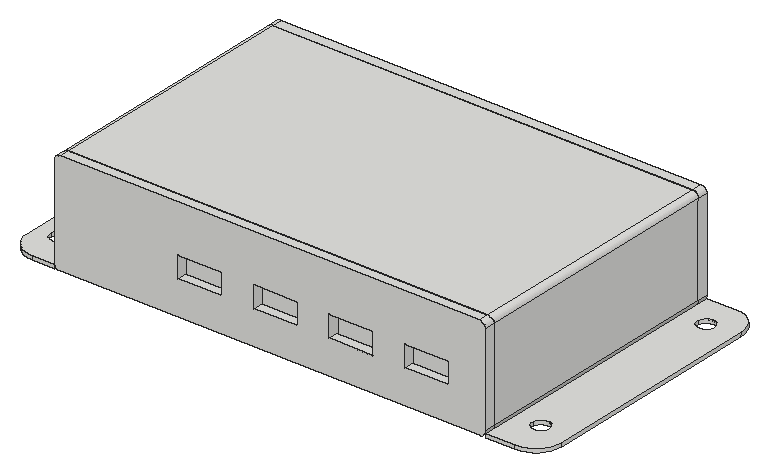
Revit family "Electronics_Expansion-Inputs_Biamp_Vocia_Paging-Station-Interface_VPSI-1__", category Communication Devices, host Face, Revit 2020
Family settings
  Host = Face
  Maintain Annotation Orientation = No
  Round Connector Dimension = Use Diameter
  Part Type = Normal
  OmniClass Number = 23.85.10.11.11
  OmniClass Title = Sound and Signal Devices
  Cut with Voids When Loaded = No
  Shared = No
  Room Calculation Point = No
Parameters (values of type "VPSI-1")
  Width = 0' - 3 41/256"  # constant formula
  Weight = 0.66 lbf  # constant formula
  Voltage = 0 V
  URL = "https://www.biamp.com/"
  Temperature Range = "23 - 104° F (-5 – 40° C)"  # constant formula
  THD+N = "20Hz ~ 10kHz: <0.08%"  # constant formula
  RS-232 Stop Bits = "1"  # constant formula
  RS-232 Parity = "None"  # constant formula
  RS-232 Flow Control = "None"  # constant formula
  RS-232 Data Bits = "8"  # constant formula
  RS-232 Baud = "57600 bps"  # constant formula
  Product data url = "https://www.bimobject.com/biamp/product/vocia-vpsi-1_expansion-input"
  Product Page URL = "https://www.biamp.com/products/product-families/vocia/vocia-expansion-inputs#vocia-vpsi-1"
  Product Documentation Link = "https://downloads.biamp.com/assets/docs/default-source/data-sheets/biamp_data_sheet_vocia_vpsi-1_oct18.pdf"
  Power Factor = 1
  Number of Poles = 1  # constant formula
  Nominal Input Level = "0dBu, -10dBu, -40dBu and -50dBu (hardware configurable)"  # constant formula
  Network Connection = "RJ45 with shielded Ethernet (CAT5, CAT5e, CAT6, or CAT7)"  # constant formula
  Model = "Vocia VPSI-1"  # constant formula
  Max Power Consumption = 0 W
  Manufacturer = "Biamp"  # constant formula
  LED Output Voltage = "15mA"  # constant formula
  Humidity = "0-95% relative humidity (non-condensing)"  # constant formula
  Housing Material = Biamp - Metal - Silver
  Height = 0' - 1 23/128"  # constant formula
  Frequency Response = "20Hz ~ 10kHz: +0, -1dB"  # constant formula
  Effective Input Headroom = "25dB"  # constant formula
  Description = "Vocia® VPSI-1 Paging Station Interface"  # constant formula
  Depth = 0' - 6 7/64"  # constant formula
  Default Elevation = 4' - 0"
  Connector Description = "RJ-45; Power by the host device"  # constant formula
  Compliance = "CE marked (Europe) RoHS Directive (Europe)"  # constant formula
  Assembly Code = ""
  Apparent Load = Max Power Consumption / Power Factor  # 0 VA
  Altitude = "0-10,000 ft (0-3000m) MSL"  # constant formula
Reference planes (in)
  plane 1 "Center (Front/Back)": y = 0
  plane 2: z = 0
  plane 3 "Center (Left/Right)": x = 0
  plane 4: x = -4.99926
  plane 5: x = 4.99926
  plane 6: z = 0
  plane 7: z = 0.03937
  plane 8: x = -3.05469
  plane 9: x = 3.05469
  plane 10 "12": y = 1.58008
  plane 11: y = -1.58008
  plane 12: z = 1.17969
  plane 13: y = 1.46197
  plane 14: y = -1.46197
  plane 15: x = 2.42146
  plane 16: x = -2.50861
Forms (in)
  Extrusion 1, solid, material "Biamp - Metal - Silver" <- "Housing Material", detail levels coarse
    sketch origin (0, 0, 0) x (1, 0, 0) y (0, 1, 0)
      loop
        line (-3.05469, 1.66179) -> (-3.05469, -1.58008) -> (3.05469, -1.58008) -> (3.05469, 1.66179) -> (-3.05469, 1.66179)
    from 0 to 1.17969
  Extrusion 2, solid, material "Biamp - Metal - Silver" <- "Housing Material", detail levels medium
    sketch origin (0, 0, 0) x (1, 0, 0) y (0, 0, 1)
      loop
        arc (-2.98776, 1.17969) -> (-3.03508, 1.16008) -> (-3.05469, 1.11276) r 0.06693
        line (-3.05469, 1.11276) -> (-3.05469, 0.06693)
        arc (-3.05469, 0.06693) -> (-3.03508, 0.0196) -> (-2.98776, 0) r 0.06693
        line (-2.98776, 0) -> (2.98776, 0)
        arc (2.98776, 0) -> (3.03508, 0.0196) -> (3.05469, 0.06693) r 0.06693
        line (3.05469, 0.06693) -> (3.05469, 1.11276)
        arc (3.05469, 1.11276) -> (3.03508, 1.16008) -> (2.98776, 1.17969) r 0.06693
        line (2.98776, 1.17969) -> (-2.98776, 1.17969)
    from -1.57972 to 1.57972
  Extrusion 3, solid, material "Biamp - Metal - Silver" <- "Housing Material", detail levels fine
    sketch origin (0, 1.58008, 0) x (-1, 0, 0) y (0, 0, 1)
      loop
        line (2.44168, 1.17969) -> (-2.35453, 1.17969)
        arc (-2.35453, 1.17969) -> (-2.40185, 1.16008) -> (-2.42146, 1.11276) r 0.06693
        line (-2.42146, 1.11276) -> (-2.42146, 0.06693)
        arc (-2.42146, 0.06693) -> (-2.40185, 0.0196) -> (-2.35453, 0) r 0.06693
        line (-2.35453, 0) -> (2.44168, 0)
        arc (2.44168, 0) -> (2.48901, 0.0196) -> (2.50861, 0.06693) r 0.06693
        line (2.50861, 0.06693) -> (2.50861, 1.11276)
        arc (2.50861, 1.11276) -> (2.48901, 1.16008) -> (2.44168, 1.17969) r 0.06693
    from -0.11811 to 0
  Extrusion 4, solid, material "Biamp - Metal - Silver" <- "Housing Material", detail levels fine
    sketch origin (-0.19685, 0, 0) x (1, 0, 0) y (0, 0, 1)
      loop
        arc (-2.24483, 1.17969) -> (-2.29216, 1.16008) -> (-2.31176, 1.11276) r 0.06693
        line (-2.31176, 1.11276) -> (-2.31176, 0.06693)
        arc (-2.31176, 0.06693) -> (-2.29216, 0.0196) -> (-2.24483, 0) r 0.06693
        line (-2.24483, 0) -> (2.55138, 0)
        arc (2.55138, 0) -> (2.5987, 0.0196) -> (2.61831, 0.06693) r 0.06693
        line (2.61831, 0.06693) -> (2.61831, 1.11276)
        arc (2.61831, 1.11276) -> (2.5987, 1.16008) -> (2.55138, 1.17969) r 0.06693
        line (2.55138, 1.17969) -> (-2.24483, 1.17969)
    from 1.46161 to 1.57972
  Extrusion 5, solid, material "Biamp - Metal - Silver" <- "Housing Material", detail levels fine
    sketch origin (0, 0, 0) x (1, 0, 0) y (0, 1, 0)
      loop
        line (2.42146, 1.58008) -> (2.42146, -1.58008) -> (2.76009, -1.58008)
        arc (2.76009, -1.58008) -> (2.9684, -1.49379) -> (3.05469, -1.28548) r 0.2946
        line (3.05469, -1.28548) -> (3.05469, 1.2848)
        arc (3.05469, 1.2848) -> (2.9682, 1.49359) -> (2.75941, 1.58008) r 0.29528
        line (2.75941, 1.58008) -> (2.42146, 1.58008)
      loop
        line (-2.50861, 1.58008) -> (-2.7604, 1.58008)
        arc (-2.7604, 1.58008) -> (-2.96849, 1.49388) -> (-3.05469, 1.28579) r 0.29429
        line (-3.05469, 1.28579) -> (-3.05469, -1.2848)
        arc (-3.05469, -1.2848) -> (-2.9682, -1.49359) -> (-2.75941, -1.58008) r 0.29528
        line (-2.75941, -1.58008) -> (-2.50861, -1.58008) -> (-2.50861, 1.58008)
      loop
        circle (-2.79379, 1.20638) r 0.09837
      loop
        circle (-2.79379, -1.15654) r 0.09837
      loop
        circle (2.71735, 1.20638) r 0.09837
      loop
        circle (2.71735, -1.15721) r 0.09837
    from 0 to 0.03937
  Extrusion 6, void, detail levels fine
    sketch origin (0, 0, 0) x (1, 0, 0) y (0, 0, 1)
      loop
        line (-1.09591, 0.63922) -> (-1.09591, 0.38922) -> (-0.59591, 0.38922) -> (-0.59591, 0.63922) -> (-1.09591, 0.63922)
      loop
        line (-0.2309, 0.63922) -> (-0.2309, 0.38922) -> (0.26911, 0.38922) -> (0.26911, 0.63922) -> (-0.2309, 0.63922)
      loop
        line (0.63412, 0.63922) -> (0.63412, 0.38922) -> (1.13412, 0.38922) -> (1.13412, 0.63922) -> (0.63412, 0.63922)
      loop
        line (1.49912, 0.63921) -> (1.49912, 0.38921) -> (1.99911, 0.38921) -> (1.99911, 0.63921) -> (1.49912, 0.63921)
    from 1.46161 to 1.57972
  Extrusion 7, void, detail levels fine
    sketch origin (0, 1.58008, 0) x (1, 0, 0) y (0, 0, 1)
      loop
        line (1.82636, 0.94039) -> (1.21612, 0.94039) -> (1.21612, 0.38923) -> (1.82636, 0.38923) -> (1.82636, 0.94039)
      loop
        line (1.14014, 0.86167) -> (0.50234, 0.86167) -> (0.50234, 0.38923) -> (1.14014, 0.38923) -> (1.14014, 0.86167)
      loop
        line (-1.01829, 0.86026) -> (-1.45924, 0.86026) -> (-1.45924, 0.38782) -> (-1.01829, 0.38782) -> (-1.01829, 0.86026)
    from 0 to 0.11811
  Extrusion 8, solid, material "Biamp - Metal - Silver" <- "Housing Material", detail levels fine
    sketch origin (0, 0, 0) x (1, 0, 0) y (0, 0, 1)
      loop
        arc (-2.44168, 1.17969) -> (-2.48901, 1.16008) -> (-2.50861, 1.11276) r 0.06693
        line (-2.50861, 1.11276) -> (-2.50861, 0.06693)
        arc (-2.50861, 0.06693) -> (-2.48901, 0.0196) -> (-2.44168, 0) r 0.06693
        line (-2.44168, 0) -> (2.35453, 0)
        arc (2.35453, 0) -> (2.40185, 0.0196) -> (2.42146, 0.06693) r 0.06693
        line (2.42146, 0.06693) -> (2.42146, 1.11276)
        arc (2.42146, 1.11276) -> (2.40185, 1.16008) -> (2.35453, 1.17969) r 0.06693
        line (2.35453, 1.17969) -> (-2.44168, 1.17969)
    from -1.46161 to 1.46161
  Extrusion 9, solid, material "Biamp - Metal - Silver", detail levels fine
    sketch origin (0, 1.58008, 0) x (-1, 0, 0) y (0, 0, 1)
      loop
        arc (-0.00739, 0.87815) -> (-0.10893, 0.83047) -> (-0.13711, 0.72189) r 0.13197
        line (-0.13711, 0.72189) -> (-0.10245, 0.53827)
        arc (-0.10245, 0.53827) -> (-0.05703, 0.46099) -> (0.02729, 0.43055) r 0.13198
        line (0.02729, 0.43055) -> (0.48402, 0.43055)
        arc (0.48402, 0.43055) -> (0.56832, 0.46098) -> (0.61374, 0.53823) r 0.13198
        line (0.61374, 0.53823) -> (0.64834, 0.72156)
        arc (0.64834, 0.72156) -> (0.62037, 0.83032) -> (0.51876, 0.87815) r 0.1319
        line (0.51876, 0.87815) -> (-0.00739, 0.87815)
    from 0 to 0.08171
  Extrusion 10, void
    sketch origin (0, 1.58008, 0) x (1, 0, 0) y (0, 0, 1)
      loop
        line (-0.48508, 0.46961) -> (-0.03978, 0.46961)
        arc (-0.03978, 0.46961) -> (0.03666, 0.49633) -> (0.07981, 0.56484) r 0.12271
        line (0.07981, 0.56484) -> (0.10802, 0.67247)
        arc (0.10802, 0.67247) -> (0.09935, 0.80076) -> (-0.01343, 0.86253) r 0.13383
        line (-0.01343, 0.86253) -> (-0.49659, 0.86253)
        arc (-0.49659, 0.86253) -> (-0.59248, 0.82161) -> (-0.62928, 0.72407) r 0.13281
        line (-0.62928, 0.72407) -> (-0.59421, 0.53823)
        arc (-0.59421, 0.53823) -> (-0.54954, 0.48819) -> (-0.48508, 0.46961) r 0.12109
    from -0.08171 to -0.03937
Cuts and joins
  Extrusion 6, Extrusion 7 cuts Extrusion 4
  Extrusion 7, Extrusion 10 cuts Extrusion 3
  Extrusion 10 cuts Extrusion 2
  Extrusion 10 cuts Extrusion 8
  Extrusion 10 cuts Extrusion 9
Lines and regions (in)
  Masking region 1, detail levels fine
    outline origin (0, 0, 0) x (1, 0, 0) y (0, 1, 0)
      loop
        line (-3.05469, 1.28579) -> (-3.05469, -1.2848)
        arc (-3.05469, -1.2848) -> (-2.9682, -1.49359) -> (-2.75941, -1.58008) r 0.29528
        line (-2.75941, -1.58008) -> (2.75941, -1.58008)
        arc (2.75941, -1.58008) -> (2.9682, -1.49359) -> (3.05469, -1.2848) r 0.29528
        line (3.05469, -1.2848) -> (3.05469, 1.28579)
        arc (3.05469, 1.28579) -> (2.96849, 1.49388) -> (2.7604, 1.58008) r 0.29429
        line (2.7604, 1.58008) -> (0.13936, 1.58008) -> (0.13936, 1.66179) -> (-0.65066, 1.66179) -> (-0.65066, 1.58008) -> (-2.7604, 1.58008)
        arc (-2.7604, 1.58008) -> (-2.96849, 1.49388) -> (-3.05469, 1.28579) r 0.29429
  Masking region 2, detail levels coarse+medium
    outline origin (0, 0, 0) x (1, 0, 0) y (0, 1, 0)
      loop
        line (-3.05469, 1.66179) -> (-3.05469, -1.57972) -> (3.05469, -1.57972) -> (3.05469, 1.66179) -> (-3.05469, 1.66179)
  symbolic lines, not visible, detail levels fine
    curve 1: line (4.99926, 2.33269, 0) -> (4.99926, 2.41143, 0)
  symbolic lines, detail levels fine
    curve 2: line (2.42146, 1.58008, 0) -> (-2.50861, 1.58008, 0)
    curve 3: arc (-2.89216, 1.20705, 0) -> (-2.79379, 1.30542, 0) -> (-2.69542, 1.20705, 0) r 0.09837
    curve 4: arc (-2.69542, 1.20705, 0) -> (-2.79379, 1.10868, 0) -> (-2.89216, 1.20705, 0) r 0.09837
    curve 5: arc (-2.69542, -1.15654, 0) -> (-2.79379, -1.2549, 0) -> (-2.89216, -1.15654, 0) r 0.09837
    curve 6: arc (-2.89216, -1.15654, 0) -> (-2.79379, -1.05817, 0) -> (-2.69542, -1.15654, 0) r 0.09837
    curve 7: line (-2.50861, -1.58008, 0) -> (-2.50861, 1.58008, 0)
    curve 8: line (2.42146, 1.58008, 0) -> (2.42146, -1.58008, 0)
    curve 9: arc (2.61898, -1.15654, 0) -> (2.71735, -1.05817, 0) -> (2.81571, -1.15654, 0) r 0.09837
    curve 10: arc (2.81571, -1.15654, 0) -> (2.71735, -1.2549, 0) -> (2.61898, -1.15654, 0) r 0.09837
    curve 11: arc (2.61898, 1.20705, 0) -> (2.71735, 1.30542, 0) -> (2.81571, 1.20705, 0) r 0.09837
    curve 12: arc (2.81571, 1.20705, 0) -> (2.71735, 1.10868, 0) -> (2.61898, 1.20705, 0) r 0.09837
Dimensions and locks (in)
  equal spacing: plane 4, plane 3 "Center (Left/Right)", plane 5
  plane 6 to level = 0' - 0"
  locked: plane 7 to plane 6 at 0.03937
  "Depth": plane 8 to plane 9
  equal spacing: plane 8, plane 3 "Center (Left/Right)", plane 9
  equal spacing: plane 10 "12", plane 1 "Center (Front/Back)", plane 11
  "Width": plane 10 "12" to plane 11
  "Height": plane 12 to level
  locked: plane 10 "12" to plane 13 at 0.11811
  locked: plane 11 to plane 14 at 0.11811
  aligned and locked: plane 2 to host face
  aligned and locked: level to host face
  aligned and locked: plane 12 to Extrusion 1
Automatic sketch dimensions
  host sketch curve to host sketch curve = 8' - 0"  (x2)
  Extrusion 1 sketch curve to plane 8 = 0' - 0"
  Extrusion 1 sketch curve to plane 9 = 0' - 0"
  Extrusion 1 sketch curve to plane 14 = 0' - 0.11811"
  Extrusion 1 sketch curve to plane 13 = 0' - 0.19982"
  Extrusion 2 sketch curve to plane 8 = 0' - 0"
  Extrusion 2 sketch curve to level = 0' - 0"
  Extrusion 2 sketch curve to plane 12 = 0' - 0"
  plane 9 to Extrusion 2 sketch curve = 0' - 0"
  plane 8 to Extrusion 2 sketch curve = 0' - 0.06693"  (x2)
  Extrusion 2 sketch curve to plane 7 = 0' - 0.02756"
  plane 9 to Extrusion 2 sketch curve = 0' - 0.06693"
  plane 16 to Extrusion 4 sketch curve = 0' - 0"
  Extrusion 4 sketch curve to level = 0' - 0"
  Extrusion 4 sketch curve to plane 12 = 0' - 0"
  Extrusion 4 sketch curve to plane 15 = 0' - 0"
  Extrusion 4 sketch curve to plane 16 = 0' - 0.06693"
  Extrusion 4 sketch curve to plane 12 = 0' - 0.06693"
  Extrusion 4 sketch curve to plane 7 = 0' - 0.02756"
  Extrusion 4 sketch curve to plane 15 = 0' - 0.06693"
  Extrusion 5 sketch curve to plane 8 = 0' - 0"
  Extrusion 5 sketch curve to plane 10 "12" = 0' - 0"  (x2)
  plane 11 to Extrusion 5 sketch curve = 0' - 0"  (x2)
  Extrusion 5 sketch curve to plane 16 = 0' - 0"
  Extrusion 5 sketch curve to plane 15 = 0' - 0"
  Extrusion 5 sketch curve to plane 9 = 0' - 0"
  plane 8 to Extrusion 5 sketch curve = 0' - 0.2609"  (x2)
  Extrusion 5 sketch curve to Extrusion 5 sketch curve = 0' - 0.03339"
  Extrusion 5 sketch curve to Extrusion 5 sketch curve = 0' - 0.03438"
  plane 15 to Extrusion 5 sketch curve = 0' - 0.29589"  (x2)
  Extrusion 5 sketch curve to Extrusion 5 sketch curve = 0' - 0.04274"
  plane 9 to Extrusion 5 sketch curve = 0' - 0.29528"
  Extrusion 5 sketch curve to Extrusion 5 sketch curve = 0' - 0.12827"  (x2)
  Extrusion 5 sketch curve to Extrusion 5 sketch curve = 0' - 0.07843"
  Extrusion 5 sketch curve to Extrusion 5 sketch curve = 0' - 0.07942"
  Extrusion 6 sketch curve to plane 7 = 0' - 0.34985"  (x3)
  Extrusion 6 sketch curve to plane 3 "Center (Left/Right)" = 0' - 1.09591"
  Extrusion 6 sketch curve to Extrusion 6 sketch curve = 0' - 0 1/2"  (x3)
  Extrusion 6 sketch curve to plane 3 "Center (Left/Right)" = 0' - 0.2309"
  plane 3 "Center (Left/Right)" to Extrusion 6 sketch curve = 0' - 0.26911"
  Extrusion 6 sketch curve to Extrusion 6 sketch curve = 0' - 0.365"  (x2)
  Extrusion 6 sketch curve to plane 7 = 0' - 0.34984"
  Extrusion 6 sketch curve to Extrusion 6 sketch curve = 0' - 0 1/4"  (x4)
  Extrusion 3 sketch curve to plane 15 = 0' - 0"
  Extrusion 3 sketch curve to plane 12 = 0' - 0"
  Extrusion 3 sketch curve to level = 0' - 0"
  plane 16 to Extrusion 3 sketch curve = 0' - 0"
  Extrusion 3 sketch curve to plane 15 = 0' - 0.06693"  (x2)
  Extrusion 3 sketch curve to plane 7 = 0' - 0.02756"
  Extrusion 3 sketch curve to plane 12 = 0' - 0.06693"
  Extrusion 3 to Extrusion 7 sketch curve = 0' - 0.31943"
  Extrusion 3 to Extrusion 7 sketch curve = 0' - 1.04937"
  Extrusion 7 sketch curve to Extrusion 7 sketch curve = 0' - 0.44095"
  Extrusion 3 to Extrusion 7 sketch curve = 0' - 0.38923"
  Extrusion 3 to Extrusion 7 sketch curve = 0' - 1.91911"
  Extrusion 7 sketch curve to Extrusion 7 sketch curve = 0' - 0.6378"
  Extrusion 7 sketch curve to Extrusion 7 sketch curve = 0' - 0.07598"
  Extrusion 7 sketch curve to Extrusion 7 sketch curve = 0' - 0.61024"
  Extrusion 7 sketch curve to Extrusion 7 sketch curve = 0' - 0"
  Extrusion 7 sketch curve to Extrusion 7 sketch curve = 0' - 0.47244"  (x2)
  Extrusion 7 sketch curve to Extrusion 7 sketch curve = 0' - 0.55116"
  plane 16 to Extrusion 8 sketch curve = 0' - 0"
  Extrusion 8 sketch curve to plane 12 = 0' - 0"
  Extrusion 8 sketch curve to level = 0' - 0"
  Extrusion 8 sketch curve to plane 15 = 0' - 0"
  Extrusion 8 sketch curve to plane 12 = 0' - 0.06693"
  Extrusion 8 sketch curve to plane 7 = 0' - 0.02756"
  Extrusion 8 sketch curve to plane 15 = 0' - 0.06693"  (x2)
  Extrusion 9 sketch curve to Extrusion 3 = 0' - 0.43351"
  Extrusion 9 sketch curve to Extrusion 3 = 0' - 2 53/128"
  Extrusion 9 sketch curve to Extrusion 9 sketch curve = 0' - 0.13197"
  Extrusion 9 sketch curve to Extrusion 9 sketch curve = 0' - 0.12971"
  Extrusion 9 sketch curve to Extrusion 9 sketch curve = 0' - 0.52615"
  Extrusion 9 sketch curve to Extrusion 3 = 0' - 0.53827"
  Extrusion 9 sketch curve to Extrusion 9 sketch curve = 0' - 0.03466"
  Extrusion 9 sketch curve to Extrusion 9 sketch curve = 0' - 0.12974"
  Extrusion 9 sketch curve to Extrusion 9 sketch curve = 0' - 0.10772"
  Extrusion 9 sketch curve to Extrusion 9 sketch curve = 0' - 0.13198"  (x2)
  Extrusion 9 sketch curve to Extrusion 9 sketch curve = 0' - 0"  (x2)
  Extrusion 9 sketch curve to Extrusion 9 sketch curve = 0' - 0.03474"
  Extrusion 9 sketch curve to Extrusion 3 = 0' - 0.45813"
  Extrusion 9 sketch curve to Extrusion 9 sketch curve = 0' - 0.03459"
  Extrusion 9 sketch curve to Extrusion 9 sketch curve = 0' - 0.12958"
  Extrusion 9 sketch curve to Extrusion 9 sketch curve = 0' - 0.02465"
  curve 7 to plane 16 = 0' - 0"
  plane 8 to curve 3 = 0' - 0.2609"
  plane 8 to curve 5 = 0' - 0.2609"
  plane 15 to curve 11 = 0' - 0.29589"
  plane 15 to curve 10 = 0' - 0.29589"
  curve 5 to curve 5 = 0' - 0.09837"
  curve 4 to curve 3 = 0' - 0.09837"
  curve 11 to curve 11 = 0' - 0.09837"
  curve 10 to curve 9 = 0' - 0.09837"
  curve 1 to plane 5 = 0' - 0"
  plane 10 "12" to curve 1 = 0' - 0.75261"
  curve 1 to curve 1 = 0' - 0.07874"
  Extrusion 3 to Extrusion 10 sketch curve = 0' - 0.45562"
  Extrusion 3 to Extrusion 10 sketch curve = 0' - 1.87933"
  Extrusion 10 sketch curve to Extrusion 10 sketch curve = 0' - 0.1442"
  Extrusion 10 sketch curve to Extrusion 10 sketch curve = 0' - 0.13269"
  Extrusion 10 sketch curve to Extrusion 10 sketch curve = 0' - 0.44529"
  Extrusion 10 sketch curve to Extrusion 10 sketch curve = 0' - 0.02636"
  Extrusion 10 sketch curve to Extrusion 10 sketch curve = 0' - 0.1196"
  Extrusion 3 to Extrusion 10 sketch curve = 0' - 0.50722"
  Extrusion 10 sketch curve to Extrusion 10 sketch curve = 0' - 0.02821"
  Extrusion 10 sketch curve to Extrusion 10 sketch curve = 0' - 0.09523"
  Extrusion 10 sketch curve to Extrusion 10 sketch curve = 0' - 0 31/256"
  Extrusion 10 sketch curve to Extrusion 10 sketch curve = 0' - 0.05623"
  Extrusion 3 to Extrusion 10 sketch curve = 0' - 0.53823"
  Extrusion 10 sketch curve to Extrusion 10 sketch curve = 0' - 0.10914"
  plane 13 to curve 3 = 0' - 0.25492"
  plane 14 to curve 10 = 0' - 0.30543"
  curve 2 to plane 15 = 0' - 0"
  plane 13 to curve 12 = 0' - 0.25492"
  plane 11 to curve 8 = 0' - 0"
  plane 11 to curve 7 = 0' - 0"
  plane 14 to curve 6 = 0' - 0.30543"
  curve 7 to plane 10 "12" = 0' - 0"
  Masking region 1 sketch curve to plane 8 = 0' - 0"
  Masking region 1 sketch curve to plane 10 "12" = 0' - 0"  (x2)
  plane 11 to Masking region 1 sketch curve = 0' - 0"
  Masking region 1 sketch curve to plane 9 = 0' - 0"
  plane 16 to Masking region 1 sketch curve = 0' - 0.25179"
  plane 14 to Masking region 1 sketch curve = 0' - 0.17717"  (x2)
  Masking region 1 sketch curve to plane 3 "Center (Left/Right)" = 0' - 0.65066"
  plane 3 "Center (Left/Right)" to Masking region 1 sketch curve = 0' - 0.13936"
  plane 13 to Masking region 1 sketch curve = 0' - 0.17618"
  plane 10 "12" to Masking region 1 sketch curve = 0' - 0.08171"
  Masking region 2 sketch curve to plane 8 = 0' - 0"
  Masking region 2 sketch curve to plane 9 = 0' - 0"
  Masking region 2 sketch curve to plane 11 = 0' - 0.00035"
  plane 10 "12" to Masking region 2 sketch curve = 0' - 0.08171"
  radius of Extrusion 5 sketch curve = 0' - 0.09837"  (x4)
Connectors (in)
  electrical at (1.52124, 1.58008, 0.66481), driven by "Number of Poles", driven by "Voltage", driven by "Apparent Load", driven by "Power Factor", driven by "Connector Description"
    settings: on cut or joined group of Extrusion 3, Extrusion 7, Extrusion 10, index 1, voltage 0 V, apparent load 0 VA, apparent load phase1 0 VA, apparent load phase2 0 VA, apparent load phase3 0 VA, power factor 1, load classification "Other", number of poles 1, system type 30, power factor state 1, is connector primary yes, connector utility no, sub classification motor no, connector description "RJ-45; Power by the host device"
  electrical at (0.82124, 1.58008, 0.62545)
    settings: on cut or joined group of Extrusion 3, Extrusion 7, Extrusion 10, index 2, voltage 0 V, apparent load 0 VA, apparent load phase1 0 VA, apparent load phase2 0 VA, apparent load phase3 0 VA, power factor 1, load classification "Other", number of poles 1, system type 5, power factor state 1, is connector primary no, connector utility no, sub classification motor no, connector description "Audio In"
  electrical at (-1.23876, 1.58008, 0.62404)
    settings: on cut or joined group of Extrusion 3, Extrusion 7, Extrusion 10, index 3, voltage 0 V, apparent load 0 VA, apparent load phase1 0 VA, apparent load phase2 0 VA, apparent load phase3 0 VA, power factor 1, load classification "Other", number of poles 1, system type 5, power factor state 1, is connector primary no, connector utility no, sub classification motor no, connector description "PTT"
  electrical at (-0.25565, 1.66179, 0.64217)
    settings: on Extrusion 9, index 4, voltage 0 V, apparent load 0 VA, apparent load phase1 0 VA, apparent load phase2 0 VA, apparent load phase3 0 VA, power factor 1, load classification "Other", number of poles 1, system type 5, power factor state 1, is connector primary no, connector utility no, sub classification motor no, connector description "RS-232, LEDs"
